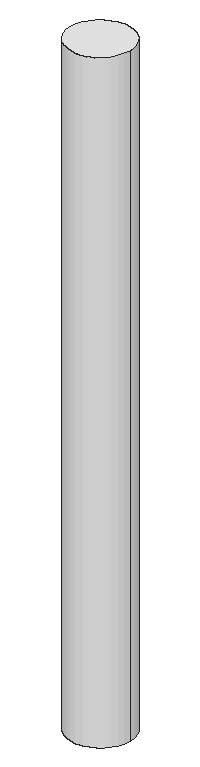
Revit family "Estaca", category Structural Foundations, Revit 2020
Family settings
  Material for Model Behavior = Steel
  Cap = No
  Work Plane-Based = No
  Always vertical = Yes
  Cut with Voids When Loaded = No
  Shared = Yes
Parameters (values of type "Estaca_60")
  Structural Material [instance] = Steel, 45-345
  Radius = Diameter / 2  # 300 mm
  Minimum Embedment = 152 mm
  Diameter = 600 mm
  Depth = 6000 mm
  Assembly Code = "A1020130"
Reference planes
  plane 1 "Center (Front/Back)": y = 0
  plane 2: z = 0
  plane 3 "Center (Left/Right)": x = 0
  plane 4: z = -6000
  plane 5: z = 152
Forms (mm)
  Extrusion 1, solid, material "Steel, 45-345" <- "Structural Material"
    sketch origin (0, 0, 0) x (1, 0, 0) y (0, 1, 0)
      loop
        circle (0, 0) r 300
    from -6000 to 152
Dimensions and locks
  "Depth": plane 2 to plane 4
  "Minimum Embedment": plane 5 to plane 2
  "Radius": radius of Extrusion 1 sketch curve
  aligned and locked: Extrusion 1 to plane 4
  aligned and locked: Extrusion 1 to plane 5
Automatic sketch dimensions
  plane 1 "Center (Front/Back)" to Extrusion 1 sketch curve = 0 mm
  Extrusion 1 sketch curve to plane 3 "Center (Left/Right)" = 0 mm
